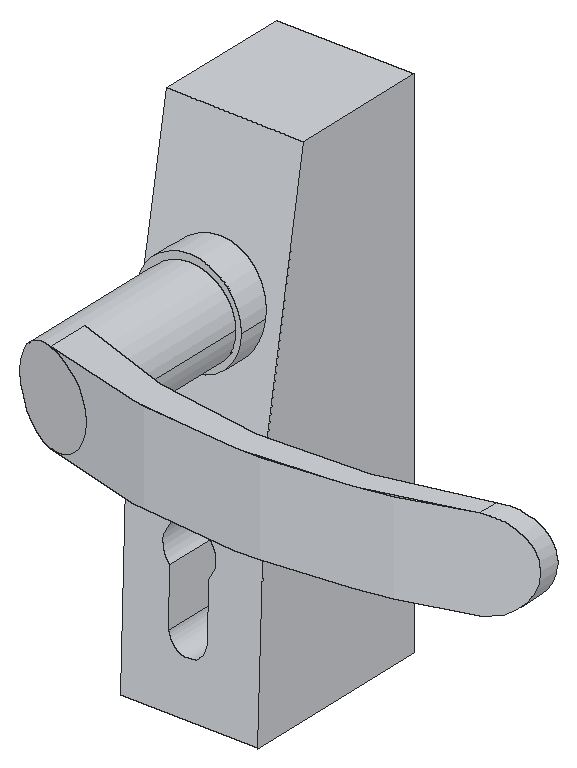
Revit family "PHT3901", category Generic Models, Revit 2013
Reference planes
  plane 1 "Center (Front/Back)": y = 0
  plane 2: z = 0
  plane 3 "Center (Left/Right)": x = 0
  plane 4: x = -18
  plane 5: x = 18
  plane 6: y = -106
  plane 7: z = 136
  plane 8: y = -36
  plane 9: y = -51
  plane 10: x = 124
  plane 11: y = -91
  plane 12: z = 84
  plane 13: z = 108
  plane 14: z = 15
  plane 15: x = 5
  plane 16: x = -5
Forms (mm)
  Extrusion 1, solid
    sketch origin (18, 2000, 1200) x (0, 1, 0) y (0, 0, 1)
      loop
        line (-2000, -1064) -> (-2036, -1064)
        arc (-2036, -1064) -> (-2048.597, -1131.438) -> (-2051, -1200) r 458.901
        line (-2051, -1200) -> (-2000, -1200) -> (-2000, -1064)
    from -36 to 0
  Extrusion 2, solid
    sketch origin (0, 0, 0) x (1, 0, 0) y (0, 0, 1)
      loop
        circle (0, 96) r 12
    from 36 to 106
  Extrusion 3, solid
    sketch origin (0, -1524, 84) x (-1, 0, 0) y (0, -1, 0)
      loop
        arc (0, -1427.67) -> (-62.525, -1418.119) -> (-124, -1433) r 163.596
        line (-124, -1433) -> (-124, -1438.59)
        arc (-124, -1438.59) -> (-62, -1425.164) -> (0, -1438.59) r 149.867
        line (0, -1438.59) -> (0, -1427.67)
    from 0 to 24
  Extrusion 4, void
    sketch origin (0, -1524, 84) x (0, -1, 0) y (-1, 0, 0)
      loop
        arc (-1435.409, 18) -> (-1422.767, -16.168) -> (-1418, -52.287) r 163.596
        line (-1418, -52.287) -> (-1418, 18) -> (-1435.409, 18)
    from -24 to 0
  Extrusion 5, void
    sketch origin (0, 0, 0) x (-1, 0, 0) y (0, 0, 1)
      loop
        line (-112, 108) -> (-129.571, 108) -> (-129.571, 84) -> (-112, 84)
        arc (-112, 84) -> (-124, 96) -> (-112, 108) r 12
    from -106 to -51
  Extrusion 6, void
    sketch origin (0, 0, 0) x (-1, 0, 0) y (0, 0, 1)
      loop
        line (5, 20) -> (5, 35)
        arc (5, 35) -> (0, 46.899) -> (-5, 35) r 7
        line (-5, 35) -> (-5, 20)
        arc (-5, 20) -> (0, 15) -> (5, 20) r 5
    from -106 to 0
  Extrusion 7, solid
    sketch origin (2000, -36, 1200) x (1, 0, 0) y (0, 0, 1)
      loop
        circle (-2000, -1104) r 13.814
    from 0 to 15
Cuts and joins
  Extrusion 4 cuts Extrusion 2
  Extrusion 5 cuts Extrusion 3
  joined: Extrusion 2, Extrusion 3
  Extrusion 6 cuts Extrusion 1
Dimensions and locks
  aligned and locked: level to plane 2
  aligned and locked: Extrusion 1 to plane 4
  aligned and locked: plane 5 to Extrusion 1
  aligned and locked: plane 6 to Extrusion 2
  aligned and locked: Extrusion 2 to plane 8
  aligned and locked: plane 13 to Extrusion 3
  aligned and locked: Extrusion 4 to plane 12
  aligned and locked: plane 13 to Extrusion 4
  aligned and locked: plane 6 to Extrusion 5
  aligned and locked: Extrusion 5 to plane 9
  aligned and locked: plane 6 to Extrusion 6
  aligned and locked: Extrusion 6 to plane 1 "Center (Front/Back)"
